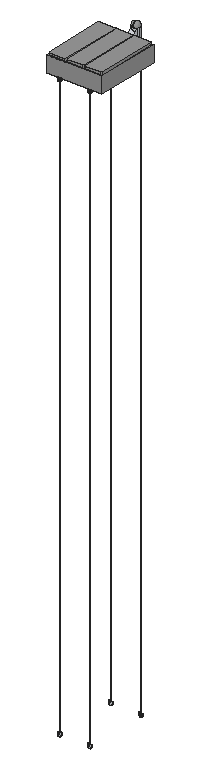
Revit family "62148", category Lighting Fixtures, host Face, Revit 2018
Family settings
  Host = Face
  Round Connector Dimension = Use Diameter
  Part Type = Normal
  OmniClass Number = 23.80.70.00
  OmniClass Title = Lighting
  Cut with Voids When Loaded = No
  Light Source = Yes
  Shared = No
  Room Calculation Point = No
Parameters (values of type "0062148 KUBIXX 4000K 14KLM AISLE SSA")
  Weight = "n/a"
  Wattage Comments = ""
  Wattage = 9.2903 W
  WarrantyStartDate [instance] = "n/a"
  WarrantyGuarantorParts = "n/a"
  WarrantyDurationUnit = "n/a"
  WarrantyDurationParts = ""
  WarrantyDescription = "http://www.sylvania-lighting.com"
  built-in parameter 1150110 = 1 (stored number, unit not read)
  Voltage = 0 V
  URL = "0"
  TypeName = "KubiXx 4000K 14KLM AISLE SSA"
  Type Image = <None>
  Type Comments = "n/a"
  Total length = 411.998 mm
  built-in parameter 1114217 = 1 (stored number, unit not read)
  Tilt Angle = -90.00°
  built-in parameter 1150109 = 1 (stored number, unit not read)
  built-in parameter 1150134 = 3
  Suspension height = 3000 mm
  built-in parameter 1150113 = 1 (stored number, unit not read)
  SerialNumber [instance] = "n/a"
  Photometric Web File = "0062148.IES"
  Material_3_SYL = none
  PowerFactor = 0
  PowerConsumption = "Lighting"
  NominalLength = 280 mm
  NominalHeight = 94 mm
  NominalDepth = 330 mm
  Name = "KubiXx 4000K 14KLM AISLE SSA"
  ModelReference = Name  # "KubiXx 4000K 14KLM AISLE SSA"
  ModelNumber = "0062148"
  Model = Name  # "KubiXx 4000K 14KLM AISLE SSA"
  Material = "Feilo Sylvania"
  ManufacturerName = "173 lm/W"
  Manufacturer = ""
  LuminousEfficacy = ""
  built-in parameter 1150105 = 109.82 (stored number, unit not read)
  Lumens = 1380 lm
  LuminaireType = "0"
  built-in parameter 1150115 = 1 (stored number, unit not read)
  LightOutputRatio = "LED"
  built-in parameter 1150137 = (empty or 0)
  built-in parameter 1150139 = (empty or 0)
  LampsType = Lamp  # "n/a"
  LampNominalLuminous = "4000 K"
  LampMacAdamStep = "80"
  LampColourTemperature = "LED"
  LampColourRenderingIndex = "16500"
  built-in parameter 1150112 = 1 (stored number, unit not read)
  built-in parameter 1150114 = 1 (stored number, unit not read)
  Lamp = "n/a"
  Keynote = "n/a"
  InstallationDate [instance] = "n/a"
  InputVoltage = "0"
  InputNominalFrequency = "4000"
  built-in parameter 1150132 = (empty or 0)
  built-in parameter 1150102 = (empty or 0)
  built-in parameter 1150107 = 3200 (stored number, unit not read)
  built-in parameter 1150138 = (empty or 0)
  IngressProtection = "IfcLightFixtureType"
  ImpactProtectionIndex = "IfcLightFixtureType"
  built-in parameter 1150106 = 1.0982 (stored number, unit not read)
  IfcExportType = "IfcLightFixtureType"
  IfcExportAs = "Class I"
  Emit from Circle Diameter = 609.6 mm
  Emit Shape Visible in Rendering = no
  ElectricShockClassification = "173"
  built-in parameter 1150104 = 13.8 (stored number, unit not read)
  DocumentationLiterature = "http://www.sylvania-lighting.com/product/en-int/products/0062148"
  DimmingControlOptions = "n/a"
  Material_2_SYL = none
  Dimming Lamp Color Temperature Shift = <None>
  Description = "Logistics and Industry high bay luminaire with wide optics to provide homogenous light distribution for open space areas. 14400lumens, 83W, 173lm/W, 4000K, CRI80, wide beam optic, SylSmart SSA dimmable, 3 step MacAdam ellipse, grey finish (RAL7012), Class 1, 220-240V, IP65, IK06."
  Default Elevation = 1219.2 mm
  CreatedOn = "08/11/2023"
  CreatedBy = "@sylvania-lighting.com"
  Cost = 0
  Color Filter = 16777215
  built-in parameter 1114216 [instance] = (empty or 0)
  ClassificationValue = "EF_70_80"
  ClassificationName = "Uniclass2015"
  Material_1_SYL = none
  BarCode [instance] = "n/a"
  built-in parameter 1114218 = 1 (stored number, unit not read)
  built-in parameter 1150133 = 10 (stored number, unit not read)
  AssetType = "Fixed"
  AssetIdentifier [instance] = "n/a"
  Assembly Code = "D5020200"
  Apparent Load = 83 VA
  Material_4_SYL = none
Reference planes
  plane 1 "Center (Front/Back)": y = 0
  plane 2: z = 0
  plane 3 "Center (Left/Right)": x = 0
  plane 4: x = -140
  plane 5: x = 140
  plane 6: y = 165
  plane 7: y = -165
  plane 8: z = 94
  plane 9: x = -180.6
  plane 10: y = 160
  plane 11: y = -160
  plane 12: x = -93.6
  plane 13: x = -89.2
  plane 14: x = -2.2
  plane 15: x = 2.2
  plane 16: x = 89.2
  plane 17: x = 93.6
  plane 18: x = 180.6
  plane 19: x = 77.2
  plane 20: x = -77.2
  plane 21: x = -87.2
  plane 22: x = -67.2
  plane 23: z = -18
  plane 24: y = 162
  plane 25: z = -8
  plane 26: y = -162
  plane 27: z = 3083
  plane 28: z = 3094
  plane 29: y = 163.5
  plane 30: z = 3000
  plane 31: z = 2982
  plane 32: x = -225.6
  plane 33: x = 225.6
  plane 34: x = 138.6
  plane 35: x = -138.6
  plane 36: x = 134.2
  plane 37: x = -134.2
  plane 38: x = 47.2
  plane 39: x = -47.2
  plane 40: x = 42.795
  plane 41: x = -42.778
  plane 42: y = -258.869
  plane 43: y = 246.998
Forms (mm)
  Extrusion 1, solid, material "Aluminum", detail levels medium+fine
    sketch origin (0, 0, 0) x (1, 0, 0) y (0, 1, 0)
      loop
        line (-140, 165) -> (-140, -165) -> (140, -165) -> (140, 165) -> (-140, 165)
    from 3000 to 3083
  Extrusion 2, solid, material "Acetal Resin, White", detail levels medium+fine
    sketch origin (91.4, 0, 0) x (1, 0, 0) y (0, 1, 0)
      loop
        arc (-220.89, 160) -> (-224.425, 158.536) -> (-225.89, 155) r 5
        line (-225.89, 155) -> (-225.89, -155)
        arc (-225.89, -155) -> (-224.425, -158.536) -> (-220.89, -160) r 5
        line (-220.89, -160) -> (-143.578, -160)
        arc (-143.578, -160) -> (-140.042, -158.536) -> (-138.578, -155) r 5
        line (-138.578, -155) -> (-138.578, 155)
        arc (-138.578, 155) -> (-140.042, 158.536) -> (-143.578, 160) r 5
        line (-143.578, 160) -> (-220.89, 160)
    from 3083 to 3094
  Extrusion 3, solid, material "Acetal Resin, White", detail levels medium+fine
    sketch origin (182.8, 0, 0) x (1, 0, 0) y (0, 1, 0)
      loop
        arc (-130.605, 160) -> (-134.141, 158.536) -> (-135.605, 155) r 5
        line (-135.605, 155) -> (-135.605, -155)
        arc (-135.605, -155) -> (-134.141, -158.536) -> (-130.605, -160) r 5
        line (-130.605, -160) -> (-53.412, -160)
        arc (-53.412, -160) -> (-49.876, -158.536) -> (-48.412, -155) r 5
        line (-48.412, -155) -> (-48.412, 155)
        arc (-48.412, 155) -> (-49.876, 158.536) -> (-53.412, 160) r 5
        line (-53.412, 160) -> (-130.605, 160)
    from 3083 to 3094
  Extrusion 4, solid
    sketch origin (0, 0, 0) x (1, 0, 0) y (0, 0, 1)
      loop
        line (-87.2, 0) -> (-87.2, -8)
        arc (-87.2, -8) -> (-84.271, -15.071) -> (-77.2, -18) r 10
        arc (-77.2, -18) -> (-70.129, -15.071) -> (-67.2, -8) r 10
        line (-67.2, -8) -> (-67.2, 0) -> (-87.2, 0)
    from -165 to -162
  Extrusion 5, void
    sketch origin (0, 0, 0) x (1, 0, 0) y (0, 0, 1)
      loop
        circle (-77.2, -8) r 3
    from -169.572 to 175.485
  Extrusion 6, solid
    sketch origin (154.4, 0, 0) x (1, 0, 0) y (0, 0, 1)
      loop
        line (-87.2, 0) -> (-87.2, -8)
        arc (-87.2, -8) -> (-84.271, -15.071) -> (-77.2, -18) r 10
        arc (-77.2, -18) -> (-70.129, -15.071) -> (-67.2, -8) r 10
        line (-67.2, -8) -> (-67.2, 0) -> (-87.2, 0)
    from -165 to -162
  Extrusion 7, void
    sketch origin (154.4, 0, 0) x (1, 0, 0) y (0, 0, 1)
      loop
        circle (-77.2, -8) r 3
    from -169.572 to 188.62
  Extrusion 8, solid
    sketch origin (0, 0, 0) x (1, 0, 0) y (0, 0, 1)
      loop
        line (-87.2, 0) -> (-87.2, -8)
        arc (-87.2, -8) -> (-84.271, -15.071) -> (-77.2, -18) r 10
        arc (-77.2, -18) -> (-70.129, -15.071) -> (-67.2, -8) r 10
        line (-67.2, -8) -> (-67.2, 0) -> (-87.2, 0)
    from 162 to 165
  Extrusion 9, solid
    sketch origin (153.445, 0, 0) x (1, 0, 0) y (0, 0, 1)
      loop
        line (-86.235, 0) -> (-86.235, -7.889)
        arc (-86.235, -7.889) -> (-83.306, -14.96) -> (-76.235, -17.889) r 10
        arc (-76.235, -17.889) -> (-69.163, -14.96) -> (-66.235, -7.889) r 10
        line (-66.235, -7.889) -> (-66.235, 0) -> (-86.235, 0)
    from 162 to 165
  Extrusion 10, solid, material "Aluminum", detail levels fine
    sketch origin (0, 0, 2992) x (1, 0, 0) y (0, 0, 1)
      loop
        line (-87.2, 8) -> (-87.2, 0)
        arc (-87.2, 0) -> (-84.271, -7.071) -> (-77.2, -10) r 10
        arc (-77.2, -10) -> (-70.129, -7.071) -> (-67.2, 0) r 10
        line (-67.2, 0) -> (-67.2, 8) -> (-87.2, 8)
    from -165 to -162
  Extrusion 11, void
    sketch origin (0.086, 0, 2990.692) x (1, 0, 0) y (0, 0, 1)
      loop
        circle (-77.2, 0) r 3
    from -169.572 to 175.485
  Extrusion 12, solid, material "Aluminum", detail levels fine
    sketch origin (154.4, 0, 2992) x (1, 0, 0) y (0, 0, 1)
      loop
        line (-87.2, 8) -> (-87.2, 0)
        arc (-87.2, 0) -> (-84.271, -7.071) -> (-77.2, -10) r 10
        arc (-77.2, -10) -> (-70.129, -7.071) -> (-67.2, 0) r 10
        line (-67.2, 0) -> (-67.2, 8) -> (-87.2, 8)
    from -165 to -162
  Extrusion 13, void
    sketch origin (154.475, 0, 2991.254) x (1, 0, 0) y (0, 0, 1)
      loop
        circle (-77.2, 0) r 3
    from -169.572 to 188.62
  Extrusion 14, solid, material "Aluminum", detail levels fine
    sketch origin (0, 0, 2992) x (1, 0, 0) y (0, 0, 1)
      loop
        line (-87.2, 8) -> (-87.2, 0)
        arc (-87.2, 0) -> (-84.271, -7.071) -> (-77.2, -10) r 10
        arc (-77.2, -10) -> (-70.129, -7.071) -> (-67.2, 0) r 10
        line (-67.2, 0) -> (-67.2, 8) -> (-87.2, 8)
    from 162 to 165
  Extrusion 15, solid, material "Aluminum", detail levels fine
    sketch origin (153.445, 0, 2992) x (1, 0, 0) y (0, 0, 1)
      loop
        line (-86.235, 8) -> (-86.235, 0.111)
        arc (-86.235, 0.111) -> (-83.306, -6.96) -> (-76.235, -9.889) r 10
        arc (-76.235, -9.889) -> (-69.163, -6.96) -> (-66.235, 0.111) r 10
        line (-66.235, 0.111) -> (-66.235, 8) -> (-86.235, 8)
    from 162 to 165
  Extrusion 16, solid, material "Stainless Steel"
    sketch origin (0, 0, 0) x (1, 0, 0) y (0, 1, 0)
      loop
        circle (-77.2, 163.5) r 1
    from 0 to 3000
  Extrusion 17, solid, material "Stainless Steel"
    sketch origin (154.4, 0, 0) x (1, 0, 0) y (0, 1, 0)
      loop
        circle (-77.2, 163.5) r 1
    from 0 to 3000
  Extrusion 18, solid, material "Stainless Steel"
    sketch origin (0, -327, 0) x (1, 0, 0) y (0, 1, 0)
      loop
        circle (-77.2, 163.5) r 1
    from 0 to 3000
  Extrusion 19, solid, material "Stainless Steel"
    sketch origin (154.386, -327.05, 0) x (1, 0, 0) y (0, 1, 0)
      loop
        circle (-77.2, 163.5) r 1
    from 0 to 3000
  Extrusion 20, solid, detail levels coarse
    sketch origin (0, 0, 0) x (1, 0, 0) y (0, 0, 1)
      loop
        line (-140, 3094) -> (-140, 0) -> (140, 0) -> (140, 3094) -> (-140, 3094)
    from -246.772 to 165
  Extrusion 21, solid, material "Acetal Resin, White", detail levels medium+fine
    sketch origin (181.395, 0, 0) x (1, 0, 0) y (0, 1, 0)
      loop
        arc (-219.21, 160) -> (-222.746, 158.536) -> (-224.21, 155) r 5
        line (-224.21, 155) -> (-224.21, -155)
        arc (-224.21, -155) -> (-222.746, -158.536) -> (-219.21, -160) r 5
        line (-219.21, -160) -> (-143.578, -160)
        arc (-143.578, -160) -> (-140.042, -158.536) -> (-138.578, -155) r 5
        line (-138.578, -155) -> (-138.578, 155)
        arc (-138.578, 155) -> (-140.042, 158.536) -> (-143.578, 160) r 5
        line (-143.578, 160) -> (-219.21, 160)
    from 3083 to 3094
  Extrusion 22, solid, material "Acetal Resin, White", not visible
    sketch origin (319, 1524, 1219.2) x (0, 1, 0) y (0, 0, 1)
      loop
        line (-1689, 1833.8) -> (-1689, 1863.8) -> (-1799, 1863.8) -> (-1799, 1833.8) -> (-1689, 1833.8)
    from -339.5 to -298.5
  Extrusion 23, void, not visible
    sketch origin (0, 0, 0) x (1, 0, 0) y (0, 1, 0)
      loop
        line (-20.5, -254.5) -> (-20.5, -275) -> (0, -275)
        arc (0, -275) -> (-14.496, -268.996) -> (-20.5, -254.5) r 20.5
    from 3000 to 3132.374
  Extrusion 24, void, not visible
    sketch origin (0, 0, 0) x (1, 0, 0) y (0, 1, 0)
      loop
        arc (20.5, -254.5) -> (14.496, -268.996) -> (0, -275) r 20.5
        line (0, -275) -> (20.5, -275) -> (20.5, -254.5)
    from 3030.992 to 3095.862
  Extrusion 25, void, not visible
    sketch origin (319, 1524, 1219.2) x (0, 1, 0) y (0, 0, 1)
      loop
        line (-1724, 1863.8) -> (-1799, 1863.8) -> (-1799, 1851.8) -> (-1767, 1851.8) -> (-1724, 1863.8)
    from -390.202 to -258.5
  Revolve 26, solid, material "Acetal Resin, White", not visible
    sketch origin (-0.37, 1524, 1219.2) x (0, 1, 0) y (0, 0, 1)
      loop
        line (-1783, 1851.8) -> (-1767, 1851.8)
        arc (-1767, 1851.8) -> (-1773.505, 1859.304) -> (-1783, 1862.216) r 18.002
        line (-1783, 1862.216) -> (-1783, 1851.8)
      axis (-1783, 1862.216) -> (-1783, 1851.8)
    angle from -180 to 179.537
  Extrusion 27, solid, material "Acetal Resin, White", not visible
    sketch origin (319, 1524, 1219.2) x (0, 1, 0) y (0, 0, 1)
      loop
        line (-1689, 1833.8) -> (-1689, 1863.8) -> (-1799, 1863.8) -> (-1799, 1833.8) -> (-1689, 1833.8)
    from -339.5 to -298.5
  Extrusion 28, void, not visible
    sketch origin (0, 0, 0) x (1, 0, 0) y (0, 1, 0)
      loop
        line (-20.5, -254.5) -> (-20.5, -275) -> (0, -275)
        arc (0, -275) -> (-14.496, -268.996) -> (-20.5, -254.5) r 20.5
    from 3000 to 3132.374
  Extrusion 29, void, not visible
    sketch origin (0, 0, 0) x (1, 0, 0) y (0, 1, 0)
      loop
        arc (20.5, -254.5) -> (14.496, -268.996) -> (0, -275) r 20.5
        line (0, -275) -> (20.5, -275) -> (20.5, -254.5)
    from 3030.992 to 3095.862
  Extrusion 30, void, not visible
    sketch origin (319, 1524, 1219.2) x (0, 1, 0) y (0, 0, 1)
      loop
        line (-1724, 1863.8) -> (-1799, 1863.8) -> (-1799, 1851.8) -> (-1767, 1851.8) -> (-1724, 1863.8)
    from -390.202 to -258.5
  Revolve 31, solid, material "Acetal Resin, White", not visible
    sketch origin (-0.37, 1524, 1219.2) x (0, 1, 0) y (0, 0, 1)
      loop
        line (-1783, 1851.8) -> (-1767, 1851.8)
        arc (-1767, 1851.8) -> (-1773.505, 1859.304) -> (-1783, 1862.216) r 18.002
        line (-1783, 1862.216) -> (-1783, 1851.8)
      axis (-1783, 1862.216) -> (-1783, 1851.8)
    angle from -180 to 179.537
  Blend 32, solid
    base sketch origin (0, -0.051, 0) x (1, 0, 0) y (0, 1, 0)
      loop
        circle (0, 228) r 19
    top sketch origin (0, -0.051, 0) x (1, 0, 0) y (0, 1, 0)
      loop
        circle (0, 228) r 19
    from 3039 to 3094
  Revolve 33, solid, material "Acetal Resin, White"
    sketch origin (-0.021, 1523.949, 1219.237) x (0, 1, 0) y (0, 0, 1)
      loop
        line (-1296, 1874.8) -> (-1277, 1874.8)
        arc (-1277, 1874.8) -> (-1282.5, 1888.6) -> (-1296, 1894.8) r 20
        line (-1296, 1894.8) -> (-1296, 1874.8)
      axis (-1296, 1894.8) -> (-1296, 1874.8)
    angle from 179.389 to 539.028
  Extrusion 34, solid
    sketch origin (0, -0.051, 0) x (1, 0, 0) y (0, 1, 0)
      loop
        line (-13.5, 214.609) -> (-13.5, 165) -> (13.5, 165) -> (13.5, 214.609) -> (-13.5, 214.609)
    from 3039 to 3083
  Extrusion 35, void
    sketch origin (319, 1523.949, 1219.2) x (0, 1, 0) y (0, 0, 1)
      loop
        line (-1309.391, 1863.8) -> (-1359, 1863.8) -> (-1359, 1843.8) -> (-1333.226, 1843.8) -> (-1309.391, 1863.8)
    from -343.775 to -294
  Blend 36, solid, not visible
    base sketch origin (0, 0, 0) x (1, 0, 0) y (0, 1, 0)
      loop
        circle (0, 228) r 19
    top sketch origin (0, 0, 0) x (1, 0, 0) y (0, 1, 0)
      loop
        circle (0, 228) r 19
    from 3039 to 3094
  Revolve 37, solid, material "Acetal Resin, White", not visible
    sketch origin (-0.021, 1524, 1219.237) x (0, 1, 0) y (0, 0, 1)
      loop
        line (-1296, 1874.8) -> (-1277, 1874.8)
        arc (-1277, 1874.8) -> (-1282.5, 1888.6) -> (-1296, 1894.8) r 20
        line (-1296, 1894.8) -> (-1296, 1874.8)
      axis (-1296, 1894.8) -> (-1296, 1874.8)
    angle from 179.389 to 539.028
  Extrusion 38, solid, not visible
    sketch origin (0, 0, 0) x (1, 0, 0) y (0, 1, 0)
      loop
        line (-13.5, 214.609) -> (-13.5, 165) -> (13.5, 165) -> (13.5, 214.609) -> (-13.5, 214.609)
    from 3039 to 3083
  Extrusion 39, void, not visible
    sketch origin (319, 1524, 1219.2) x (0, 1, 0) y (0, 0, 1)
      loop
        line (-1309.391, 1863.8) -> (-1359, 1863.8) -> (-1359, 1843.8) -> (-1333.226, 1843.8) -> (-1309.391, 1863.8)
    from -343.775 to -294
Cuts and joins
  Extrusion 5, Extrusion 7, Extrusion 11 cuts Extrusion 4
  Extrusion 7, Extrusion 13 cuts Extrusion 6
  Extrusion 5, Extrusion 11 cuts Extrusion 8
  Extrusion 7, Extrusion 13 cuts Extrusion 9
  Extrusion 11 cuts Extrusion 10
  Extrusion 11 cuts Extrusion 14
  Extrusion 13 cuts Extrusion 12
  Extrusion 13 cuts Extrusion 15
  Extrusion 35 cuts Extrusion 34
Dimensions and locks
  "NominalLength": plane 4 to plane 5
  equal spacing: plane 4, plane 3 "Center (Left/Right)", plane 5
  "NominalDepth": plane 6 to plane 7
  equal spacing: plane 6, plane 1 "Center (Front/Back)", plane 7
  "NominalHeight": plane 8 to level
  Extrusion 3 to plane 3 "Center (Left/Right)" = 47.195 mm
  plane 3 "Center (Left/Right)" to Extrusion 2 = 134.49 mm
  "Suspension height": level to plane 30
  plane 28 to plane 27 = 11 mm
  "NominalHeight": plane 30 to plane 28
  "Total length": plane 43 to plane 7
  aligned and locked: plane 2 to host face
  aligned and locked: level to host face
Automatic sketch dimensions
  host sketch curve to host sketch curve = 2438.4 mm  (x2)
  Extrusion 1 sketch curve to plane 4 = 0 mm
  Extrusion 1 sketch curve to plane 5 = 0 mm
  Extrusion 1 sketch curve to plane 7 = 0 mm
  Extrusion 1 sketch curve to plane 6 = 0 mm
  Extrusion 2 sketch curve to plane 11 = 0 mm
  Extrusion 2 sketch curve to plane 10 = 0 mm
  plane 37 to Extrusion 2 sketch curve = 0.29 mm
  Extrusion 2 sketch curve to plane 37 = 4.71 mm  (x2)
  plane 39 to Extrusion 2 sketch curve = 4.978 mm  (x2)
  Extrusion 2 sketch curve to plane 39 = 0.022 mm
  Extrusion 3 sketch curve to plane 11 = 0 mm
  Extrusion 3 sketch curve to plane 10 = 0 mm
  plane 38 to Extrusion 3 sketch curve = 0.005 mm
  Extrusion 3 sketch curve to plane 38 = 4.995 mm  (x2)
  plane 36 to Extrusion 3 sketch curve = 4.812 mm  (x2)
  Extrusion 3 sketch curve to plane 36 = 0.188 mm
  Extrusion 4 sketch curve to Extrusion 4 sketch curve = 0 mm  (x2)
  Extrusion 4 sketch curve to plane 21 = 0 mm
  Extrusion 4 sketch curve to plane 20 = 0 mm
  Extrusion 4 sketch curve to plane 23 = 0 mm
  Extrusion 4 sketch curve to level = 0 mm
  Extrusion 5 sketch curve to plane 20 = 0 mm
  Extrusion 5 sketch curve to plane 25 = 0 mm
  Extrusion 6 sketch curve to Extrusion 6 sketch curve = 0 mm  (x2)
  Extrusion 6 sketch curve to plane 25 = 0 mm
  Extrusion 6 sketch curve to level = 0 mm
  Extrusion 6 sketch curve to plane 19 = 0 mm
  Extrusion 6 sketch curve to plane 23 = 0 mm
  Extrusion 7 sketch curve to plane 19 = 0 mm
  Extrusion 7 sketch curve to plane 25 = 0 mm
  Extrusion 8 sketch curve to Extrusion 8 sketch curve = 0 mm  (x2)
  Extrusion 8 sketch curve to plane 21 = 0 mm
  Extrusion 8 sketch curve to plane 20 = 0 mm
  Extrusion 8 sketch curve to plane 23 = 0 mm
  Extrusion 8 sketch curve to level = 0 mm
  Extrusion 9 sketch curve to Extrusion 9 sketch curve = 0 mm  (x2)
  Extrusion 9 sketch curve to level = 0 mm
  plane 25 to Extrusion 9 sketch curve = 0.111 mm
  Extrusion 9 sketch curve to plane 19 = 9.989 mm
  plane 19 to Extrusion 9 sketch curve = 0.011 mm
  Extrusion 10 sketch curve to Extrusion 10 sketch curve = 0 mm  (x2)
  Extrusion 10 sketch curve to plane 21 = 0 mm
  Extrusion 10 sketch curve to plane 20 = 0 mm
  Extrusion 10 sketch curve to plane 31 = 0 mm
  Extrusion 10 sketch curve to plane 30 = 0 mm
  plane 20 to Extrusion 11 sketch curve = 0.086 mm
  plane 31 to Extrusion 11 sketch curve = 8.692 mm
  Extrusion 12 sketch curve to Extrusion 12 sketch curve = 0 mm  (x2)
  Extrusion 12 sketch curve to plane 30 = 0 mm
  Extrusion 12 sketch curve to plane 19 = 0 mm
  Extrusion 12 sketch curve to plane 31 = 0 mm
  Extrusion 12 sketch curve to plane 19 = 10 mm
  plane 19 to Extrusion 13 sketch curve = 0.075 mm
  Extrusion 13 sketch curve to plane 30 = 8.746 mm
  Extrusion 14 sketch curve to Extrusion 14 sketch curve = 0 mm  (x2)
  Extrusion 14 sketch curve to plane 21 = 0 mm
  Extrusion 14 sketch curve to plane 20 = 0 mm
  Extrusion 14 sketch curve to plane 31 = 0 mm
  Extrusion 14 sketch curve to plane 30 = 0 mm
  Extrusion 15 sketch curve to Extrusion 15 sketch curve = 0 mm  (x2)
  Extrusion 15 sketch curve to plane 30 = 0 mm
  Extrusion 15 sketch curve to plane 19 = 9.989 mm
  plane 19 to Extrusion 15 sketch curve = 0.011 mm
  Extrusion 15 sketch curve to Extrusion 15 sketch curve = 7.889 mm
  Extrusion 16 sketch curve to plane 20 = 0 mm
  Extrusion 16 sketch curve to plane 29 = 0 mm
  Extrusion 17 sketch curve to plane 19 = 0 mm
  plane 29 to Extrusion 17 sketch curve = 0 mm
  Extrusion 18 sketch curve to plane 20 = 0 mm
  plane 7 to Extrusion 18 sketch curve = 1.5 mm
  Extrusion 19 sketch curve to plane 19 = 0.014 mm
  plane 7 to Extrusion 19 sketch curve = 1.45 mm
  Extrusion 20 sketch curve to level = 0 mm
  Extrusion 20 sketch curve to plane 4 = 0 mm
  Extrusion 20 sketch curve to plane 5 = 0 mm
  Extrusion 20 sketch curve to plane 28 = 0 mm
  Extrusion 21 sketch curve to plane 11 = 0 mm
  Extrusion 21 sketch curve to plane 10 = 0 mm
  plane 41 to Extrusion 21 sketch curve = 0.038 mm
  Extrusion 21 sketch curve to plane 41 = 4.962 mm  (x2)
  plane 40 to Extrusion 21 sketch curve = 4.978 mm  (x2)
  Extrusion 21 sketch curve to plane 40 = 0.022 mm
  Revolve 26 sketch curve to Revolve 26 sketch curve = 2.581 mm
  Extrusion 22 sketch curve to Extrusion 22 sketch curve = 110 mm
  Extrusion 22 sketch curve to Extrusion 22 sketch curve = 30 mm
  Revolve 26 sketch curve to Revolve 26 sketch curve = 0.327 mm
  Revolve 26 sketch curve to Revolve 26 sketch curve = 16 mm
  Revolve 26 sketch curve to Revolve 26 sketch curve = 7.582 mm
  Revolve 26 sketch curve to Revolve 26 sketch curve = 0 mm
  Revolve 26 sketch curve to Revolve 26 sketch curve = 3.524 mm
  Extrusion 23 sketch curve to Extrusion 23 sketch curve = 20.5 mm
  Extrusion 24 sketch curve to Extrusion 24 sketch curve = 20.5 mm
  Extrusion 25 sketch curve to Extrusion 25 sketch curve = 32 mm
  Extrusion 25 sketch curve to Extrusion 25 sketch curve = 43 mm
  Extrusion 25 sketch curve to Extrusion 25 sketch curve = 12 mm
  Revolve 31 sketch curve to Revolve 31 sketch curve = 2.581 mm
  Extrusion 27 sketch curve to Extrusion 27 sketch curve = 110 mm
  Extrusion 27 sketch curve to Extrusion 27 sketch curve = 30 mm
  Revolve 31 sketch curve to Revolve 31 sketch curve = 0.327 mm
  Revolve 31 sketch curve to Revolve 31 sketch curve = 16 mm
  Revolve 31 sketch curve to Revolve 31 sketch curve = 7.582 mm
  Revolve 31 sketch curve to Revolve 31 sketch curve = 0 mm
  Revolve 31 sketch curve to Revolve 31 sketch curve = 3.524 mm
  Extrusion 28 sketch curve to Extrusion 28 sketch curve = 20.5 mm
  Extrusion 29 sketch curve to Extrusion 29 sketch curve = 20.5 mm
  Extrusion 30 sketch curve to Extrusion 30 sketch curve = 32 mm
  Extrusion 30 sketch curve to Extrusion 30 sketch curve = 43 mm
  Extrusion 30 sketch curve to Extrusion 30 sketch curve = 12 mm
  Revolve 33 sketch curve to Revolve 33 sketch curve = 1 mm
  Revolve 33 sketch curve to Revolve 33 sketch curve = 19 mm
  Revolve 33 sketch curve to Revolve 33 sketch curve = 0.025 mm
  Revolve 33 sketch curve to Revolve 33 sketch curve = 0 mm
  Revolve 33 sketch curve to Revolve 33 sketch curve = 8.022 mm
  Revolve 33 sketch curve to Revolve 33 sketch curve = 11.978 mm
  Extrusion 34 sketch curve to Extrusion 34 sketch curve = 27 mm
  Extrusion 34 sketch curve to Extrusion 34 sketch curve = 49.609 mm
  Extrusion 35 sketch curve to Extrusion 35 sketch curve = 25.774 mm
  Extrusion 35 sketch curve to Extrusion 35 sketch curve = 23.835 mm
  Extrusion 35 sketch curve to Extrusion 35 sketch curve = 20 mm
  Revolve 37 sketch curve to Revolve 37 sketch curve = 1 mm
  Revolve 37 sketch curve to Revolve 37 sketch curve = 19 mm
  Revolve 37 sketch curve to Revolve 37 sketch curve = 0.025 mm
  Revolve 37 sketch curve to Revolve 37 sketch curve = 0 mm
  Revolve 37 sketch curve to Revolve 37 sketch curve = 8.022 mm
  Revolve 37 sketch curve to Revolve 37 sketch curve = 11.978 mm
  Extrusion 38 sketch curve to Extrusion 38 sketch curve = 27 mm
  Extrusion 38 sketch curve to Extrusion 38 sketch curve = 49.609 mm
  Extrusion 39 sketch curve to Extrusion 39 sketch curve = 25.774 mm
  Extrusion 39 sketch curve to Extrusion 39 sketch curve = 23.835 mm
  Extrusion 39 sketch curve to Extrusion 39 sketch curve = 20 mm
  Blend 32 sketch curve to plane 3 "Center (Left/Right)" = 0 mm  (x2)
  Blend 32 sketch curve to plane 43 = 19.049 mm  (x2)
  plane 28 to Revolve 33 sketch curve = 0.062 mm
  Revolve 33 sketch curve to plane 43 = 20.049 mm
  Extrusion 34 sketch curve to plane 6 = 0.051 mm
  Extrusion 34 sketch curve to plane 14 = 11.3 mm
  Extrusion 35 sketch curve to plane 27 = 0 mm
  Extrusion 35 sketch curve to plane 6 = 0.051 mm
  radius of Extrusion 5 sketch curve = 3 mm
  radius of Extrusion 7 sketch curve = 3 mm
  radius of Extrusion 11 sketch curve = 3 mm
  radius of Extrusion 13 sketch curve = 3 mm
  radius of Extrusion 16 sketch curve = 1 mm
  radius of Extrusion 17 sketch curve = 1 mm
  radius of Extrusion 18 sketch curve = 1 mm
  radius of Extrusion 19 sketch curve = 1 mm
  radius of Blend 32 sketch curve = 19 mm  (x2)
  radius of Blend 36 sketch curve = 19 mm  (x2)
Connectors
  electrical at (0, 0, 3000)
    settings: on Extrusion 1, index 1, voltage 0 V, apparent load 0 VA, apparent load phase1 0 VA, apparent load phase2 0 VA, apparent load phase3 0 VA, power factor 1, load classification "Other", number of poles 1, system type 31, power factor state 1, is connector primary yes, connector utility no, sub classification motor no, connector description ""
